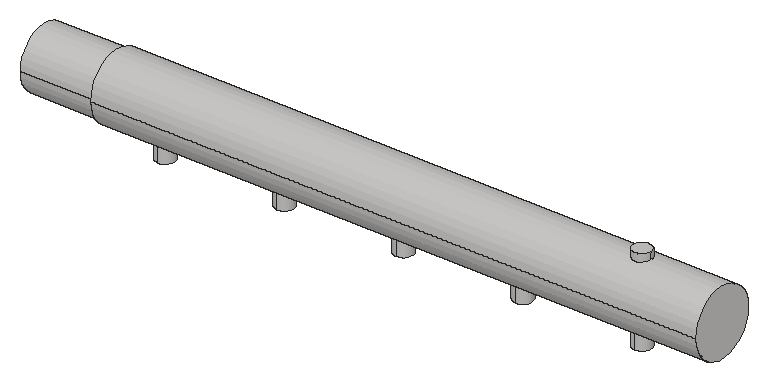
Revit family "BIMLIB_Коллектор_462_5_РОСТерм", category Оборудование, Revit 2017
Family settings
  Размер круглого соединителя = Использовать диаметр
  Тип детали = Нормальный
  На основе рабочей плоскости = Нет
  Всегда вертикально = Да
  При загрузке вырезать с полостями = Нет
  Общий = Нет
  Точка расчета площади = Нет
Parameters (values of type "Коллектор HEIZEN 462 Ду50 на 5 выходов")
  РТ_Шаг = 100 mm
  РТ_l = 100 mm  # constant formula
  РТ_R1 = РТ_R + 5 mm  # 32 mm
  РТ_R = 27 mm
  РТ_R_низ = РТ_DN_низ / 2  # 7.5 mm
  РТ_DN3 = 15 mm  # constant formula
  Описание = "Коллекторы Heizen изготовлены из высококачественной латуни и нержавеющей стали, что исключает риск протечек. Коллекторы могут быть оснащены различными видами арматуры: ручными балансировочными клапанами,ручными запорными клапанами, термостатическими клапанами, расходомерами, воздухоотводчиками и дренажными кранами."
  РТ_DN_низ = 15 mm  # constant formula
  РТ_DN_бок = 50 mm
  Изготовитель = "РОСТерм"  # constant formula
  URL = "http://rostherm.ru/"
  BL_Разработано = "support@bimlib.ru"  # constant formula
  BL_Email = "rostherm@bimlib.ru"  # constant formula
  BL_BIM library = "https://bimlib.pro/manufacturer/rosterm/1632/"
  ADSK_Расход жидкости [instance] = 0.0 L/s
  ADSK_Примечание = ""
  ADSK_Позиция = ""
  ADSK_Обозначение = "ГОСТ 12.2.063-2015"  # constant formula
  ADSK_Наименование краткое = "HEIZEN 462 Ду50"
  ADSK_Наименование = "Коллектор HEIZEN 462 для систем отопения, горячего и холодного водоснабжения сварной Ду50 на 5 выходов"
  ADSK_Материал = BIMLIB_Нержавеющая_сталь_РОСТерм
  ADSK_Масса_Текст = ""
  ADSK_Масса = 0
  ADSK_Марка = "HEIZEN 462"  # constant formula
  ADSK_Код изделия = "462-50-10-05"
  ADSK_Завод-изготовитель = "Heizen"  # constant formula
  ADSK_Единица измерения = "шт."  # constant formula
  ADSK_Версия Revit = "2017"  # constant formula
  ADSK_URL страницы изделия = "http://rostherm.ru/kollektory/"
  ADSK_URL документации изделия = "http://rostherm.ru/"
Types (4, lengths in mm): name | РТ_R1 | РТ_R | РТ_DN_бок | ADSK_Наименование краткое | ADSK_Наименование | ADSK_Код изделия
  Коллектор HEIZEN 462 Ду50 на 5 выходов | 32 | 27 | 50 | "HEIZEN 462 Ду50" | "Коллектор HEIZEN 462 для систем отопения, горячего и холодного водоснабжения сварной Ду50 на 5 выходов" | "462-50-10-05"
  Коллектор HEIZEN 462 Ду40 на 5 выходов | 27 | 22 | 40 | "HEIZEN 462 Ду40" | "Коллектор HEIZEN 462 для систем отопения, горячего и холодного водоснабжения сварной Ду40 на 5 выходов" | "462-40-10-05"
  Коллектор HEIZEN 462 Ду32 на 5 выходов | 23 | 18 | 32 | "HEIZEN 462 Ду32" | "Коллектор HEIZEN 462 для систем отопения, горячего и холодного водоснабжения сварной Ду32 на 5 выходов" | "462-32-10-05"
  Коллектор HEIZEN 462 Ду25 на 5 выходов | 20 | 15 | 25 | "HEIZEN 462 Ду25" | "Коллектор HEIZEN 462 для систем отопения, горячего и холодного водоснабжения сварной Ду25 на 5 выходов" | "462-25-10-05"
Reference planes
  plane 1 "По центру (Вперед/Назад)": y = 0
  plane 2: z = 0
  plane 3 "По центру (Влево/Вправо)": x = 0
  plane 4: x = 100
  plane 5: x = 1185
  plane 6: x = 60
  plane 7: z = 32
Forms (mm)
  Extrusion 1, solid, material "BIMLIB_Нержавеющая_сталь_РОСТерм" <- "ADSK_Материал", detail levels medium+fine
    sketch origin (65, 0, 0) x (0, 1, 0) y (0, 0, 1)
      loop
        circle (0, 0) r 27
    from -5 to 495.909
  Sweep 2, solid, material "BIMLIB_Нержавеющая_сталь_РОСТерм" <- "ADSK_Материал", detail levels medium+fine
    path origin (65, 0, 7.5) x (1, 0, 0) y (0, 0, 1)
      loop
        line (35, -7.5) -> (35, -47.5)
    profile origin (100, 0, -20) x (0, -1, 0) y (1, 0, 0)
      loop
        circle (0, 0) r 7.5
  Sweep 3, solid, material "BIMLIB_Нержавеющая_сталь_РОСТерм" <- "ADSK_Материал", detail levels medium+fine
    path origin (163.636, 0, 7.5) x (1, 0, 0) y (0, 0, 1)
      loop
        line (35, -7.5) -> (35, -47.5)
    profile origin (198.636, 0, -20) x (0, -1, 0) y (1, 0, 0)
      loop
        circle (0, 0) r 7.5
  Sweep 4, solid, material "BIMLIB_Нержавеющая_сталь_РОСТерм" <- "ADSK_Материал", detail levels medium+fine
    path origin (262.273, 0, 7.5) x (1, 0, 0) y (0, 0, 1)
      loop
        line (35, -7.5) -> (35, -47.5)
    profile origin (297.273, 0, -20) x (0, -1, 0) y (1, 0, 0)
      loop
        circle (0, 0) r 7.5
  Sweep 5, solid, material "BIMLIB_Нержавеющая_сталь_РОСТерм" <- "ADSK_Материал", detail levels medium+fine
    path origin (360.909, 0, 7.5) x (1, 0, 0) y (0, 0, 1)
      loop
        line (35, -7.5) -> (35, -47.5)
    profile origin (395.909, 0, -20) x (0, -1, 0) y (1, 0, 0)
      loop
        circle (0, 0) r 7.5
  Sweep 6, solid, material "BIMLIB_Нержавеющая_сталь_РОСТерм" <- "ADSK_Материал", detail levels medium+fine
    path origin (459.545, 0, 7.5) x (1, 0, 0) y (0, 0, 1)
      loop
        line (35, -7.5) -> (35, -47.5)
    profile origin (494.545, 0, -20) x (0, -1, 0) y (1, 0, 0)
      loop
        circle (0, 0) r 7.5
  Extrusion 7, solid, material "BIMLIB_Нержавеющая_сталь_РОСТерм" <- "ADSK_Материал", detail levels medium+fine
    sketch origin (50, 0, 0) x (0, 1, 0) y (0, 0, 1)
      loop
        circle (0, 0) r 25
    from -50 to 10
  Extrusion 8, solid, material "BIMLIB_Нержавеющая_сталь_РОСТерм" <- "ADSK_Материал", detail levels medium+fine
    sketch origin (-690.455, 0, 0) x (1, 0, 0) y (0, 1, 0)
      loop
        circle (1185, 0) r 7.5
    from 0 to 32
Lines and regions (mm)
  model lines, detail levels coarse
    curve 1: line (0, 0, 0) -> (560.909, 0, 0)
    curve 2: line (100, 0, 0) -> (100, 0, -40)
    curve 3: line (198.636, 0, 0) -> (198.636, 0, -40)
    curve 4: line (297.273, 0, 0) -> (297.273, 0, -40)
    curve 5: line (395.909, 0, 0) -> (395.909, 0, -40)
    curve 6: line (494.545, 0, 0) -> (494.545, 0, -40)
Dimensions and locks
  "РТ_l": plane 4 to plane 3 "По центру (Влево/Вправо)"
  Sweep 2 sketch curve to Sweep 2 sketch curve = 40 mm
  Sweep 3 sketch curve to Sweep 3 sketch curve = 40 mm
  Sweep 4 sketch curve to Sweep 4 sketch curve = 40 mm
  Sweep 5 sketch curve to Sweep 5 sketch curve = 40 mm
  Sweep 6 sketch curve to Sweep 6 sketch curve = 40 mm
  locked: plane 4 to plane 6 at 40
  "РТ_R1": plane 7 to level
  "РТ_R": radius of Extrusion 1 sketch curve
  "РТ_R_низ": radius of Sweep 2 sketch curve
  "РТ_R_низ": radius of Sweep 3 sketch curve
  "РТ_R_низ": radius of Sweep 4 sketch curve
  "РТ_R_низ": radius of Sweep 5 sketch curve
  "РТ_R_низ": radius of Sweep 6 sketch curve
  "РТ_DN_бок": diameter of Extrusion 7 sketch curve
  "РТ_DN_низ": diameter of Extrusion 8 sketch curve
  aligned and locked: level to plane 2
  aligned and locked: Extrusion 1 to plane 6
  aligned and locked: Extrusion 7 to plane 3 "По центру (Влево/Вправо)"
  aligned and locked: Extrusion 7 to Extrusion 1
  aligned and locked: plane 7 to Extrusion 8
  aligned and locked: curve 1 to Extrusion 1
Automatic sketch dimensions
  Sweep 2 sketch curve to profile plane = 0 mm
  profile plane to Sweep 2 sketch curve = 0 mm
  Sweep 3 sketch curve to profile plane = 0 mm
  profile plane to Sweep 3 sketch curve = 0 mm
  Sweep 4 sketch curve to profile plane = 0 mm
  profile plane to Sweep 4 sketch curve = 0 mm
  Sweep 5 sketch curve to profile plane = 0 mm
  profile plane to Sweep 5 sketch curve = 0 mm
  Sweep 6 sketch curve to profile plane = 0 mm
  profile plane to Sweep 6 sketch curve = 0 mm
  Extrusion 1 sketch curve to level = 0 mm
  Extrusion 1 sketch curve to plane 1 "По центру (Вперед/Назад)" = 0 mm
  curve 1 to plane 3 "По центру (Влево/Вправо)" = 0 mm
  curve 2 to plane 4 = 0 mm
  curve 2 to curve 3 = 98.636 mm
  curve 4 to level = 40 mm
  curve 3 to curve 4 = 98.636 mm
  curve 4 to curve 5 = 98.636 mm
  curve 5 to curve 6 = 98.636 mm
  curve 6 to curve 1 = 66.364 mm
  curve 5 to curve 5 = 40 mm
  curve 2 to curve 2 = 40 mm
  curve 3 to curve 3 = 40 mm
  curve 6 to curve 6 = 40 mm
  plane 1 "По центру (Вперед/Назад)" to Extrusion 8 sketch curve = 0 mm
  plane 4 to Extrusion 8 sketch curve = 394.545 mm
  Extrusion 7 sketch curve to level = 0 mm
  Extrusion 7 sketch curve to plane 1 "По центру (Вперед/Назад)" = 0 mm
Connectors
  piping at (100, 0, -40), diameter 15, driven by "РТ_DN_низ", driven by "ADSK_Расход жидкости"
    settings: on Sweep 2, index 3, connector inside diameter 609.6 mm, connector length 0 mm, flow factor 0, pipe flow 0.0 L/s, pressure drop 0.0 Pa, fitting loss kfactor 0, connector angle 0.00°, fixture units 0, engagement length 0 mm, angle of deflection 0.00°, flow configuration 0, flow direction 2, fitting loss method 0, system type 7, joint type 0, gender type 0, connector reference index -1, connector utility 0, adjustable connector no, is connector primary yes, connector description ""
  piping at (198.636, 0, -40), diameter 15, driven by "РТ_DN_низ", driven by "ADSK_Расход жидкости"
    settings: on Sweep 3, index 4, connector inside diameter 609.6 mm, connector length 0 mm, flow factor 0, pipe flow 0.0 L/s, pressure drop 0.0 Pa, fitting loss kfactor 0, connector angle 0.00°, fixture units 0, engagement length 0 mm, angle of deflection 0.00°, flow configuration 0, flow direction 2, fitting loss method 0, system type 7, joint type 0, gender type 0, connector reference index -1, connector utility 0, adjustable connector no, is connector primary no, connector description ""
  piping at (297.273, 0, -40), diameter 15, driven by "РТ_DN_низ", driven by "ADSK_Расход жидкости"
    settings: on Sweep 4, index 5, connector inside diameter 609.6 mm, connector length 0 mm, flow factor 0, pipe flow 0.0 L/s, pressure drop 0.0 Pa, fitting loss kfactor 0, connector angle 0.00°, fixture units 0, engagement length 0 mm, angle of deflection 0.00°, flow configuration 0, flow direction 2, fitting loss method 0, system type 7, joint type 0, gender type 0, connector reference index -1, connector utility 0, adjustable connector no, is connector primary no, connector description ""
  piping at (395.909, 0, -40), diameter 15, driven by "РТ_DN_низ", driven by "ADSK_Расход жидкости"
    settings: on Sweep 5, index 6, connector inside diameter 609.6 mm, connector length 0 mm, flow factor 0, pipe flow 0.0 L/s, pressure drop 0.0 Pa, fitting loss kfactor 0, connector angle 0.00°, fixture units 0, engagement length 0 mm, angle of deflection 0.00°, flow configuration 0, flow direction 2, fitting loss method 0, system type 7, joint type 0, gender type 0, connector reference index -1, connector utility 0, adjustable connector no, is connector primary no, connector description ""
  piping at (494.545, 0, -40), diameter 15, driven by "РТ_DN_низ", driven by "ADSK_Расход жидкости"
    settings: on Sweep 6, index 27, connector inside diameter 609.6 mm, connector length 0 mm, flow factor 0, pipe flow 0.0 L/s, pressure drop 0.0 Pa, fitting loss kfactor 0, connector angle 0.00°, fixture units 0, engagement length 0 mm, angle of deflection 0.00°, flow configuration 0, flow direction 2, fitting loss method 0, system type 7, joint type 0, gender type 0, connector reference index -1, connector utility 0, adjustable connector no, is connector primary no, connector description ""
  piping at (0, 0, 0), diameter 50, driven by "РТ_DN_бок", driven by "ADSK_Расход жидкости"
    settings: on Extrusion 7, index 38, connector inside diameter 609.6 mm, connector length 0 mm, flow factor 0, pipe flow 0.0 L/s, pressure drop 0.0 Pa, fitting loss kfactor 0, connector angle 0.00°, fixture units 0, engagement length 0 mm, angle of deflection 0.00°, flow configuration 0, flow direction 1, fitting loss method 0, system type 7, joint type 0, gender type 0, connector reference index -1, connector utility 0, adjustable connector no, is connector primary no, connector description ""
  piping at (494.545, 0, 32), diameter 15, driven by "РТ_DN3", driven by "ADSK_Расход жидкости"
    settings: on Extrusion 8, index 39, connector inside diameter 609.6 mm, connector length 0 mm, flow factor 0, pipe flow 0.0 L/s, pressure drop 0.0 Pa, fitting loss kfactor 0, connector angle 0.00°, fixture units 0, engagement length 0 mm, angle of deflection 0.00°, flow configuration 0, flow direction 0, fitting loss method 0, system type 29, joint type 0, gender type 0, connector reference index -1, connector utility 0, adjustable connector no, is connector primary no, connector description ""
